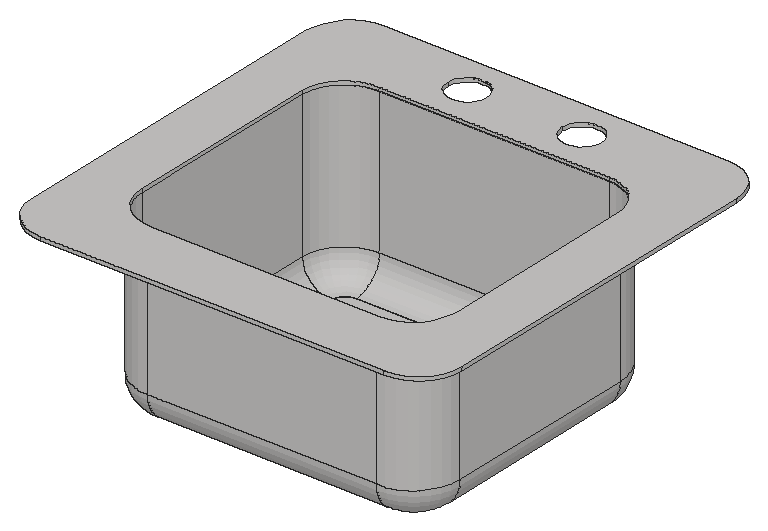
Revit family "QF_Vollrath_1554-C", category Specialty Equipment, Revit 2016
Family settings
  Part Type = Normal
  Round Connector Dimension = Use Diameter
  OmniClass Number = 23.40.40.14.31
  OmniClass Title = Cleaning and Disposal Equipment
  Work Plane-Based = Yes
  Always vertical = Yes
  Cut with Voids When Loaded = No
  Shared = No
  Room Calculation Point = No
Parameters (values of type "K1554-C")
  Width = 1' - 3"
  Weight in Pounds = 0
  Watermarked By = "http://revitwatermark.com"
  URL Cutsheet = ""
  Status [instance] = ""
  Specification by User [instance] = ""
  Specification by Manufacturer [instance] = ""
  Sink Width = 0' - 11"
  Sink Depth = 0' - 10"
  Sink Basin Depth = 0' - 6 3/16"
  Serial Number [instance] = ""
  Seismic Rating [instance] = ""
  SMACNA No [instance] = ""
  Revision Code [instance] = ""
  NAFEM Spec ID Number [instance] = ""
  Model = "K1554-C"
  Masterspec [instance] = ""
  Manufacturer = "Vollrath"
  Item Number [instance] = "-"
  Installed By [instance] = ""
  Indirect Waste Size = 2"
  Indirect Waste Flow [instance] = 0.00 GPM
  Indirect Waste Connection Type [instance] = ""
  Indirect Waste Connection Height [instance] = 0' - 0"
  Furnished By [instance] = ""
  Foodservice Equipment Identifier [instance] = yes
  Description = "Bar Sink"  # constant formula
  Depth = 1' - 3"
  Default Elevation = 4' - 0"
  CSI MasterFormat = ""
Types (4): name | Model
  (no name) | "K1554-C"
  155-4 | "1554-C"
  1554-C | "1554-C"
  K1554-C | "K1554-C"
Reference planes (in)
  plane 1 "BACK": y = 0
  plane 2 "BOTTOM": z = 0
  plane 3 "LEFT": x = 0
  plane 4 "RIGHT": x = 15
  plane 5 "FRONT": y = -15
  plane 6: x = 7.5
  plane 7: y = -7.71875
  plane 8: y = -2
  plane 9: y = -2.71875
  plane 10: y = -12.71875
  plane 11: x = 2
  plane 12: x = 13
  plane 13 "Sink Bottom": z = -6.1875
Forms (in)
  Sweep 1, solid, material "QF_Finishes_Stainless Steel"
    path origin (0, 0, 0) x (1, 0, 0) y (0, 1, 0)
      loop
        arc (3.5, -2.71875) -> (2.43934, -3.15809) -> (2, -4.21875) r 1.5
        line (2, -4.21875) -> (2, -11.21875)
        arc (2, -11.21875) -> (2.43934, -12.27941) -> (3.5, -12.71875) r 1.5
        line (3.5, -12.71875) -> (11.5, -12.71875)
        arc (11.5, -12.71875) -> (12.56066, -12.27941) -> (13, -11.21875) r 1.5
        line (13, -11.21875) -> (13, -4.21875)
        arc (13, -4.21875) -> (12.56066, -3.15809) -> (11.5, -2.71875) r 1.5
        line (11.5, -2.71875) -> (3.5, -2.71875)
    profile origin (7.5, -2.71875, 0) x (0, 1, 0) y (0, 0, 1)
      loop
        line (0, 0) -> (0, -5.0625)
        arc (0, -5.0625) -> (-0.29289, -5.76961) -> (-1, -6.0625) r 1
        line (-1, -6.0625) -> (-1, -6.1875)
        arc (-1, -6.1875) -> (-0.2045, -5.858) -> (0.125, -5.0625) r 1.125
        line (0.125, -5.0625) -> (0.125, 0) -> (0, 0)
  Extrusion 2, solid, material "QF_Finishes_Stainless Steel"
    sketch origin (0, 0, -6.1875) x (-1, 0, 0) y (0, -1, 0)
      loop
        line (-11.5, 3.71875) -> (-3.5, 3.71875)
        arc (-3.5, 3.71875) -> (-3.14645, 3.8652) -> (-3, 4.21875) r 0.5
        line (-3, 4.21875) -> (-3, 11.21875)
        arc (-3, 11.21875) -> (-3.14645, 11.5723) -> (-3.5, 11.71875) r 0.5
        line (-3.5, 11.71875) -> (-11.5, 11.71875)
        arc (-11.5, 11.71875) -> (-11.85355, 11.5723) -> (-12, 11.21875) r 0.5
        line (-12, 11.21875) -> (-12, 4.21875)
        arc (-12, 4.21875) -> (-11.85355, 3.8652) -> (-11.5, 3.71875) r 0.5
      loop
        circle (-7.5, 7.71875) r 1.75
    from 0 to 0.125
  Extrusion 3, solid, material "QF_Finishes_Stainless Steel"
    sketch origin (0, 0, 0) x (1, 0, 0) y (0, 1, 0)
      loop
        arc (1.5, 0) -> (0.43934, -0.43934) -> (0, -1.5) r 1.5
        line (0, -1.5) -> (0, -13.5)
        arc (0, -13.5) -> (0.43934, -14.56066) -> (1.5, -15) r 1.5
        line (1.5, -15) -> (13.5, -15)
        arc (13.5, -15) -> (14.56066, -14.56066) -> (15, -13.5) r 1.5
        line (15, -13.5) -> (15, -1.5)
        arc (15, -1.5) -> (14.56066, -0.43934) -> (13.5, 0) r 1.5
        line (13.5, 0) -> (1.5, 0)
      loop
        arc (2, -11.21875) -> (2.43934, -12.27941) -> (3.5, -12.71875) r 1.5
        line (3.5, -12.71875) -> (11.5, -12.71875)
        arc (11.5, -12.71875) -> (12.56066, -12.27941) -> (13, -11.21875) r 1.5
        line (13, -11.21875) -> (13, -4.21875)
        arc (13, -4.21875) -> (12.56066, -3.15809) -> (11.5, -2.71875) r 1.5
        line (11.5, -2.71875) -> (3.5, -2.71875)
        arc (3.5, -2.71875) -> (2.43934, -3.15809) -> (2, -4.21875) r 1.5
        line (2, -4.21875) -> (2, -11.21875)
      loop
        circle (9.5, -1.37133) r 0.6875
      loop
        circle (5.5, -1.37133) r 0.6875
    from 0 to 0.125
Lines and regions (in)
  symbolic lines
    curve 1: line (1.5, -15, 0) -> (13.5, -15, 0)
    curve 2: arc (13.5, -15, 0) -> (14.56066, -14.56066, 0) -> (15, -13.5, 0) r 1.5
    curve 3: line (15, -13.5, 0) -> (15, -1.5, 0)
    curve 4: arc (15, -1.5, 0) -> (14.56066, -0.43934, 0) -> (13.5, 0, 0) r 1.5
    curve 5: line (13.5, 0, 0) -> (1.5, 0, 0)
    curve 6: arc (1.5, 0, 0) -> (0.43934, -0.43934, 0) -> (0, -1.5, 0) r 1.5
    curve 7: line (0, -1.5, 0) -> (0, -13.5, 0)
    curve 8: arc (0, -13.5, 0) -> (0.43934, -14.56066, 0) -> (1.5, -15, 0) r 1.5
  symbolic lines, style "QF_Surface Details"
    curve 9: circle (7.5, -7.71875, 0) r 1.75 normal (0, 0, 1)
    curve 10: line (11.5, -12.71875, 0) -> (3.5, -12.71875, 0)
    curve 11: arc (13, -11.21875, 0) -> (12.56066, -12.27941, 0) -> (11.5, -12.71875, 0) r 1.5
    curve 12: line (13, -4.21875, 0) -> (13, -11.21875, 0)
    curve 13: arc (3.5, -12.71875, 0) -> (2.43934, -12.27941, 0) -> (2, -11.21875, 0) r 1.5
    curve 14: line (2, -11.21875, 0) -> (2, -4.21875, 0)
    curve 15: arc (2, -4.21875, 0) -> (2.43934, -3.15809, 0) -> (3.5, -2.71875, 0) r 1.5
    curve 16: line (3.5, -2.71875, 0) -> (11.5, -2.71875, 0)
    curve 17: arc (11.5, -2.71875, 0) -> (12.56066, -3.15809, 0) -> (13, -4.21875, 0) r 1.5
    curve 18: arc (6.1875, -1.37133, 0) -> (5.5, -2.05883, 0) -> (4.8125, -1.37133, 0) r 0.6875
    curve 19: arc (4.8125, -1.37133, 0) -> (5.5, -0.68383, 0) -> (6.1875, -1.37133, 0) r 0.6875
    curve 20: arc (10.1875, -1.37133, 0) -> (9.5, -2.05883, 0) -> (8.8125, -1.37133, 0) r 0.6875
    curve 21: arc (8.8125, -1.37133, 0) -> (9.5, -0.68383, 0) -> (10.1875, -1.37133, 0) r 0.6875
Dimensions and locks (in)
  "Width": plane 3 "LEFT" to plane 4 "RIGHT"
  "Depth": plane 5 "FRONT" to plane 1 "BACK"
  locked: plane 8 to plane 1 "BACK" at 2
  equal spacing: plane 9, plane 7, plane 10
  "Sink Depth": plane 9 to plane 10
  equal spacing: plane 3 "LEFT", plane 6, plane 4 "RIGHT"
  equal spacing: plane 11, plane 6, plane 12
  "Sink Width": plane 11 to plane 12
  "Sink Basin Depth": level to plane 13 "Sink Bottom"
  level to Sweep 1 sketch curve = 0' - 0"
  locked: Sweep 1 sketch curve to plane 9 at 0.125
  locked: plane 13 "Sink Bottom" to Sweep 1 sketch curve at 0.125
  plane 11 to plane 12 = 0' - 11"
  plane 9 to plane 10 = 0' - 10"
  locked: plane 8 to plane 9 at 0.71875
  Extrusion 3 sketch curve to Extrusion 3 sketch curve = 0' - 4"
  aligned and locked: level to plane 2 "BOTTOM"
  aligned and locked: Sweep 1 sketch curve to plane 9
  aligned and locked: plane 11 to Sweep 1 sketch curve
  aligned and locked: plane 10 to Sweep 1 sketch curve
  aligned and locked: Sweep 1 sketch curve to plane 12
  aligned and locked: plane 9 to Sweep 1 sketch curve
  aligned and locked: plane 13 "Sink Bottom" to Sweep 1 sketch curve
  aligned and locked: Extrusion 2 sketch curve to Sweep 1  (x4)
  aligned and locked: Extrusion 3 sketch curve to Sweep 1  (x4)
Automatic sketch dimensions
  plane 11 to Sweep 1 sketch curve = 0' - 1 1/2"  (x2)
  Sweep 1 sketch curve to plane 12 = 0' - 1 1/2"
  Sweep 1 sketch curve to plane 9 = 0' - 1 1/2"
  Sweep 1 sketch curve to Sweep 1 sketch curve = 0' - 1"
  Extrusion 2 sketch curve to plane 7 = 0' - 0"
  Extrusion 2 sketch curve to Extrusion 2 sketch curve = 0' - 0 1/2"  (x4)
  plane 6 to Extrusion 2 sketch curve = 0' - 0"
  Extrusion 3 sketch curve to plane 3 "LEFT" = 0' - 0"
  plane 5 "FRONT" to Extrusion 3 sketch curve = 0' - 0"
  plane 1 "BACK" to Extrusion 3 sketch curve = 0' - 0"
  Extrusion 3 sketch curve to plane 4 "RIGHT" = 0' - 0"
  Extrusion 3 sketch curve to plane 11 = 0' - 0 1/2"  (x2)
  Extrusion 3 sketch curve to Extrusion 3 sketch curve = 0' - 1 1/2"  (x2)
  plane 11 to Extrusion 3 sketch curve = 0' - 1 1/2"
  plane 8 to Extrusion 3 sketch curve = 0' - 0.62867"  (x2)
  Extrusion 3 sketch curve to plane 6 = 0' - 2"
  Extrusion 3 sketch curve to plane 12 = 0' - 1 1/2"
  curve 6 to plane 3 "LEFT" = 0' - 0"
  plane 5 "FRONT" to curve 1 = 0' - 0"
  plane 1 "BACK" to curve 6 = 0' - 0"
  curve 9 to plane 6 = 0' - 0"
  curve 3 to plane 4 "RIGHT" = 0' - 0"
  curve 9 to plane 7 = 0' - 0"
  curve 1 to plane 11 = 0' - 0 1/2"
  curve 6 to plane 11 = 0' - 0 1/2"
  plane 12 to curve 4 = 0' - 0 1/2"
  plane 12 to curve 1 = 0' - 0 1/2"
  curve 10 to plane 10 = 0' - 0"
  curve 11 to plane 12 = 0' - 0"
  plane 11 to curve 10 = 0' - 1 1/2"
  curve 11 to plane 12 = 0' - 1 1/2"
  curve 12 to plane 9 = 0' - 1 1/2"
  curve 13 to plane 11 = 0' - 0"
  curve 14 to plane 9 = 0' - 1 1/2"
  curve 15 to plane 9 = 0' - 0"
  curve 16 to curve 18 = 0' - 1 5/16"
  curve 18 to curve 18 = 0' - 0 11/16"
  plane 8 to curve 18 = 0' - 0.62867"
  plane 6 to curve 20 = 0' - 1 5/16"
  curve 20 to curve 20 = 0' - 0 11/16"
  plane 8 to curve 21 = 0' - 0.62867"
  plane 8 to Extrusion 3 sketch curve = 0' - 0 1/2"
  plane 12 to Extrusion 3 sketch curve = 0' - 0 1/2"
  radius of Extrusion 2 sketch curve = 0' - 1 3/4"
  radius of Extrusion 3 sketch curve = 0' - 0 11/16"  (x2)
  radius of curve 9 = 0' - 1 3/4"
Connectors (in)
  piping at (7.5, -7.71875, -6.1875), diameter 2, driven by "Indirect Waste Flow"
    settings: on Extrusion 2, index 1, connector inside diameter 2", connector length 0' - 0", flow factor 0, pipe flow 0.00 GPM, pressure drop 0.00 psi, fitting loss kfactor 0, connector angle 0.00°, fixture units 0, engagement length 0' - 0", angle of deflection 0.00°, flow configuration 1, flow direction 2, fitting loss method 0, system type 16, joint type 0, gender type 0, connector reference index -1, connector utility 0, adjustable connector no, is connector primary yes, connector description "IW"
